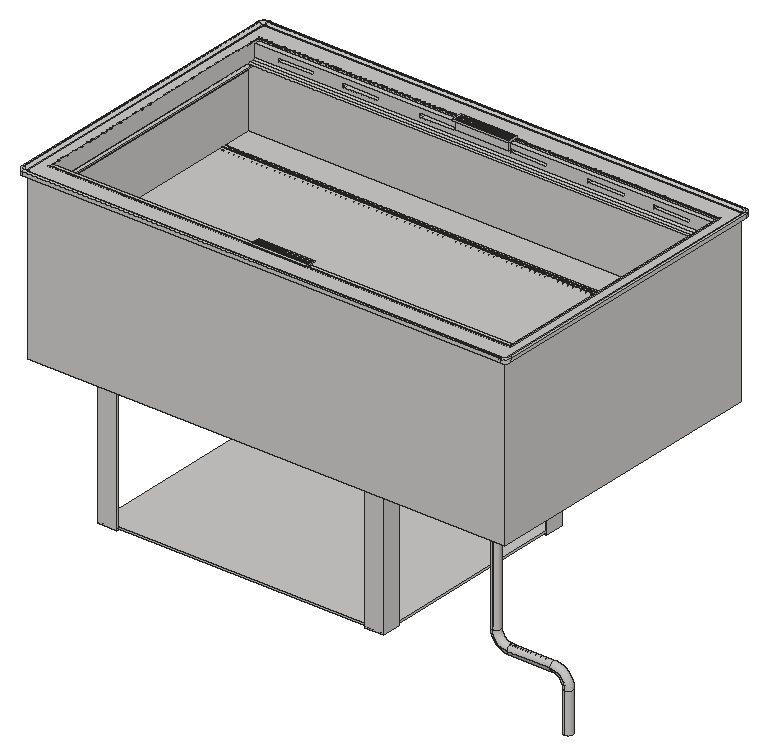
Revit family "QF_Vollrath_FC-4C-03120-FAT", category Specialty Equipment, Revit 2018
Family settings
  Round Connector Dimension = Use Diameter
  Part Type = Normal
  OmniClass Number = 23.40.40.14.24.14
  OmniClass Title = Service Line Equipment
  Work Plane-Based = Yes
  Always vertical = Yes
  Cut with Voids When Loaded = Yes
  Shared = No
  Room Calculation Point = No
Parameters
  Weight in Pounds = 112
  Volts = 120 V
  URL Cutsheet = ""
  URL = "https://www.vollrathfoodservice.com/"
  Status [instance] = ""
  Specification by User [instance] = ""
  Specification by Manufacturer [instance] = ""
  Serial Number [instance] = ""
  Seismic Rating = ""
  Revision Code [instance] = ""
  Refrigerant Type = "R513A"
  Plumbing Remarks [instance] = ""
  Plumbing Connection Type = ""
  Phase = 1
  Number of Poles [instance] = 1
  NAFEM Spec ID Number [instance] = ""
  Model = "FC-4C-03120-FA"
  Masterspec [instance] = ""
  Manufacturer = "Vollrath"
  Item Number [instance] = "-"
  Installed By [instance] = ""
  Indirect Waste Size = 3/4"
  Indirect Waste Flow [instance] = 0 GPM
  Indirect Waste Connection Type = ""
  Indirect Waste Connection Height = 0' - 2"
  HP = "1/3"
  Furnished By [instance] = ""
  Foodservice Equipment Identifier = yes
  FL Amps = 8.5 A
  Electrical Remarks = ""
  Electric Connection Type = ""
  Elec Conn RI Height [instance] = 0' - 0"
  Elec Conn Connection Height = 0' - 2"
  Description = "Drop-In Cold Pan, Forced Air"
  Default Elevation = 3' - 0"
  Cycle = 60 Hz
  Conn Plug = "NEMA 5-15P"
  CSI MasterFormat = "11 41 00"
  BTUH = 4800.0 Btu/h
  Assembly Code = "E1090320"
  Apparent Power = 0 VA
Reference planes (in)
  plane 1 "BACK": y = 0
  plane 2: z = 0
  plane 3 "LEFT": x = -25.3466
  plane 4 "RIGHT": x = 16.1534
  plane 5 "FRONT": y = -26
  plane 6 "TOP": z = 0.375
  plane 7 "Tube": z = -0.125
  plane 8 "Bottom of Well": z = -14.163
  plane 9 "BOTTOM": z = -26.753
  plane 10 "Left of Void Cut": x = -25.2841
  plane 11 "Right of Void Cut": x = 16.0909
  plane 12 "Back of Void Cut": y = -0.0625
  plane 13 "Front of Void Cut": y = -25.9375
  plane 14 "Top Shelf": z = 0.1875
  plane 15 "Left of Well": x = -24.8466
  plane 16 "Right of Well": x = 15.6534
  plane 17 "Back of Well": y = -0.5
  plane 18 "Front of Well": y = -25.5
  plane 19 "Bottom of Inner Well": z = -13.163
  plane 20 "Left of Inner Well": x = -24.0966
  plane 21 "Right of Inner Well": x = 14.9034
  plane 22 "Back of Inner Well": y = -1.9375
  plane 23 "Front of Inner Well": y = -24.0625
  plane 24 "Well Shelf": z = -6.3505
  plane 25 "Left of Compressor": x = -21.3466
  plane 26 "Right of Compressor": x = 2.9034
  plane 27 "Back of Compressor": y = -3.5625
  plane 28 "Front of Compressor": y = -22.4375
  plane 29 "Drain": y = -13
Forms (in)
  Extrusion 1, void
    sketch origin (0, 0, -14.163) x (0, 1, 0) y (-1, 0, 0)
      loop
        arc (-0.0625, 24.9716) -> (-0.15403, 25.19257) -> (-0.375, 25.2841) r 0.3125
        line (-0.375, 25.2841) -> (-25.625, 25.2841)
        arc (-25.625, 25.2841) -> (-25.84597, 25.19257) -> (-25.9375, 24.9716) r 0.3125
        line (-25.9375, 24.9716) -> (-25.9375, -15.7784)
        arc (-25.9375, -15.7784) -> (-25.84597, -15.99937) -> (-25.625, -16.0909) r 0.3125
        line (-25.625, -16.0909) -> (-0.375, -16.0909)
        arc (-0.375, -16.0909) -> (-0.15403, -15.99937) -> (-0.0625, -15.7784) r 0.3125
        line (-0.0625, -15.7784) -> (-0.0625, 24.9716)
    from 0 to 14.163
  Sweep 2, solid, material "QF_Stainless-Polished"
    path origin (0, 0, 0) x (1, 0, 0) y (0, 1, 0)
      loop
        arc (-24.8466, 0) -> (-25.20015, -0.14645) -> (-25.3466, -0.5) r 0.5
        line (-25.3466, -0.5) -> (-25.3466, -25.5)
        arc (-25.3466, -25.5) -> (-25.20015, -25.85355) -> (-24.8466, -26) r 0.5
        line (-24.8466, -26) -> (15.6534, -26)
        arc (15.6534, -26) -> (16.00696, -25.85355) -> (16.1534, -25.5) r 0.5
        line (16.1534, -25.5) -> (16.1534, -0.5)
        arc (16.1534, -0.5) -> (16.00696, -0.14645) -> (15.6534, 0) r 0.5
        line (15.6534, 0) -> (-24.8466, 0)
    profile origin (-4.5966, 0, 0) x (0, 1, 0) y (0, 0, 1)
      loop
        line (0, 0) -> (0, 0.29615)
        arc (0, 0.29615) -> (-0.04033, 0.36453) -> (-0.11969, 0.3623) r 0.07813
        line (-0.11969, 0.3623) -> (-0.38266, 0.19708)
        arc (-0.38266, 0.19708) -> (-0.39861, 0.18994) -> (-0.41591, 0.1875) r 0.0625
        line (-0.41591, 0.1875) -> (-0.41591, 0.125)
        arc (-0.41591, 0.125) -> (-0.38131, 0.12988) -> (-0.34941, 0.14416) r 0.125
        line (-0.34941, 0.14416) -> (-0.08644, 0.30938)
        arc (-0.08644, 0.30938) -> (-0.07057, 0.30983) -> (-0.0625, 0.29615) r 0.01563
        line (-0.0625, 0.29615) -> (-0.0625, 0) -> (0, 0)
  Extrusion 3, solid, material "QF_Stainless-Polished"
    sketch origin (0, 0, 0.1875) x (0, 1, 0) y (-1, 0, 0)
      loop
        line (-1.9375, 24.0966) -> (-24.0625, 24.0966) -> (-24.0625, -14.9034) -> (-1.9375, -14.9034) -> (-1.9375, 24.0966)
      loop
        arc (-0.41591, 24.8466) -> (-0.44054, 24.90605) -> (-0.5, 24.93068) r 0.08409
        line (-0.5, 24.93068) -> (-25.5, 24.93068)
        arc (-25.5, 24.93068) -> (-25.55946, 24.90605) -> (-25.58409, 24.8466) r 0.08409
        line (-25.58409, 24.8466) -> (-25.58409, -15.6534)
        arc (-25.58409, -15.6534) -> (-25.55946, -15.71286) -> (-25.5, -15.73749) r 0.08409
        line (-25.5, -15.73749) -> (-0.5, -15.73749)
        arc (-0.5, -15.73749) -> (-0.44054, -15.71286) -> (-0.41591, -15.6534) r 0.08409
        line (-0.41591, -15.6534) -> (-0.41591, 24.8466)
    from 0 to -0.0625
  Extrusion 4, solid, material "QF_Stainless-Polished"
    sketch origin (0, 0, -14.163) x (0, 1, 0) y (-1, 0, 0)
      loop
        line (-0.5, 24.8466) -> (-25.5, 24.8466) -> (-25.5, -15.6534) -> (-0.5, -15.6534) -> (-0.5, 24.8466)
      loop
        line (-0.625, 24.7216) -> (-25.375, 24.7216) -> (-25.375, -15.5284) -> (-0.625, -15.5284) -> (-0.625, 24.7216)
    from 0 to 14.163
  Extrusion 5, solid, material "QF_Stainless-Polished"
    sketch origin (0, 0, -14.163) x (0, 1, 0) y (-1, 0, 0)
      loop
        line (-0.625, 24.7216) -> (-25.375, 24.7216) -> (-25.375, -15.5284) -> (-0.625, -15.5284) -> (-0.625, 24.7216)
      loop
        circle (-13, -4.9034) r 0.375
    from 0 to 0.125
  Extrusion 6, solid, material "QF_Stainless-Polished"
    sketch origin (0, 0, -13.163) x (0, 1, 0) y (-1, 0, 0)
      loop
        line (-1.9375, 24.0966) -> (-24.0625, 24.0966) -> (-24.0625, -14.9034) -> (-1.9375, -14.9034) -> (-1.9375, 24.0966)
      loop
        line (-1.8125, 24.2216) -> (-24.1875, 24.2216) -> (-24.1875, -15.0284) -> (-1.8125, -15.0284) -> (-1.8125, 24.2216)
    from 0 to 13.3505
  Extrusion 7, solid, material "QF_Stainless-Polished"
    sketch origin (0, 0, -13.163) x (0, 1, 0) y (-1, 0, 0)
      loop
        line (-1.9375, 24.0966) -> (-24.0625, 24.0966) -> (-24.0625, -14.9034) -> (-1.9375, -14.9034) -> (-1.9375, 24.0966)
      loop
        circle (-13, -5.0284) r 1
    from 0 to 0.125
  Extrusion 8, solid, material "QF_Stainless-Polished"
    sketch origin (-24.0966, 0, 0) x (0, 1, 0) y (0, 0, 1)
      loop
        line (-3.0625, -6.3505) -> (-5.5, -6.3505)
        arc (-5.5, -6.3505) -> (-5.54419, -6.36881) -> (-5.5625, -6.413) r 0.0625
        arc (-5.5625, -6.413) -> (-5.58081, -6.45719) -> (-5.625, -6.4755) r 0.0625
        line (-5.625, -6.4755) -> (-5.875, -6.4755)
        arc (-5.875, -6.4755) -> (-5.91919, -6.45719) -> (-5.9375, -6.413) r 0.0625
        arc (-5.9375, -6.413) -> (-5.95581, -6.36881) -> (-6, -6.3505) r 0.0625
        line (-6, -6.3505) -> (-19.875, -6.3505)
        arc (-19.875, -6.3505) -> (-19.91919, -6.36881) -> (-19.9375, -6.413) r 0.0625
        arc (-19.9375, -6.413) -> (-19.95581, -6.45719) -> (-20, -6.4755) r 0.0625
        line (-20, -6.4755) -> (-20.25, -6.4755)
        arc (-20.25, -6.4755) -> (-20.29419, -6.45719) -> (-20.3125, -6.413) r 0.0625
        arc (-20.3125, -6.413) -> (-20.33081, -6.36881) -> (-20.375, -6.3505) r 0.0625
        line (-20.375, -6.3505) -> (-22.8125, -6.3505) -> (-22.8125, -6.4755) -> (-20.42678, -6.4755)
        arc (-20.42678, -6.4755) -> (-20.35825, -6.56609) -> (-20.25, -6.6005) r 0.1875
        line (-20.25, -6.6005) -> (-20, -6.6005)
        arc (-20, -6.6005) -> (-19.89175, -6.56609) -> (-19.82322, -6.4755) r 0.1875
        line (-19.82322, -6.4755) -> (-6.05178, -6.4755)
        arc (-6.05178, -6.4755) -> (-5.98325, -6.56609) -> (-5.875, -6.6005) r 0.1875
        line (-5.875, -6.6005) -> (-5.625, -6.6005)
        arc (-5.625, -6.6005) -> (-5.51675, -6.56609) -> (-5.44822, -6.4755) r 0.1875
        line (-5.44822, -6.4755) -> (-3.0625, -6.4755) -> (-3.0625, -6.3505)
    from 0 to 39
  Extrusion 9, solid, material "QF_Stainless-Polished"
    sketch origin (-24.0966, 0, 0) x (0, 1, 0) y (0, 0, 1)
      loop
        line (-1.9375, 0) -> (-2.4375, 0) -> (-2.4375, -1.0625)
        arc (-2.4375, -1.0625) -> (-2.47411, -1.15089) -> (-2.5625, -1.1875) r 0.125
        line (-2.5625, -1.1875) -> (-2.9375, -1.1875)
        arc (-2.9375, -1.1875) -> (-3.02589, -1.22411) -> (-3.0625, -1.3125) r 0.125
        line (-3.0625, -1.3125) -> (-3.0625, -13.038) -> (-1.9375, -13.038) -> (-1.9375, 0)
      loop
        line (-24.0625, 0) -> (-24.0625, -13.038) -> (-22.8125, -13.038) -> (-22.8125, -1.3125)
        arc (-22.8125, -1.3125) -> (-22.88572, -1.13572) -> (-23.0625, -1.0625) r 0.25
        line (-23.0625, -1.0625) -> (-23.4375, -1.0625)
        arc (-23.4375, -1.0625) -> (-23.52589, -1.02589) -> (-23.5625, -0.9375) r 0.125
        line (-23.5625, -0.9375) -> (-23.5625, 0) -> (-24.0625, 0)
    from 0 to 39
  Extrusion 10, void
    sketch origin (0, -1.9375, 0) x (-1, 0, 0) y (0, 0, 1)
      loop
        line (21.9716, -0.375) -> (19.0966, -0.375)
        arc (19.0966, -0.375) -> (19.0524, -0.39331) -> (19.0341, -0.4375) r 0.0625
        line (19.0341, -0.4375) -> (19.0341, -0.625)
        arc (19.0341, -0.625) -> (19.0524, -0.66919) -> (19.0966, -0.6875) r 0.0625
        line (19.0966, -0.6875) -> (21.9716, -0.6875)
        arc (21.9716, -0.6875) -> (22.01579, -0.66919) -> (22.0341, -0.625) r 0.0625
        line (22.0341, -0.625) -> (22.0341, -0.4375)
        arc (22.0341, -0.4375) -> (22.01579, -0.39331) -> (21.9716, -0.375) r 0.0625
      loop
        line (16.4716, -0.375) -> (13.5966, -0.375)
        arc (13.5966, -0.375) -> (13.5524, -0.39331) -> (13.5341, -0.4375) r 0.0625
        line (13.5341, -0.4375) -> (13.5341, -0.625)
        arc (13.5341, -0.625) -> (13.5524, -0.66919) -> (13.5966, -0.6875) r 0.0625
        line (13.5966, -0.6875) -> (16.4716, -0.6875)
        arc (16.4716, -0.6875) -> (16.51579, -0.66919) -> (16.5341, -0.625) r 0.0625
        line (16.5341, -0.625) -> (16.5341, -0.4375)
        arc (16.5341, -0.4375) -> (16.51579, -0.39331) -> (16.4716, -0.375) r 0.0625
      loop
        line (9.9716, -0.375) -> (7.0966, -0.375)
        arc (7.0966, -0.375) -> (7.0524, -0.39331) -> (7.0341, -0.4375) r 0.0625
        line (7.0341, -0.4375) -> (7.0341, -0.625)
        arc (7.0341, -0.625) -> (7.0524, -0.66919) -> (7.0966, -0.6875) r 0.0625
        line (7.0966, -0.6875) -> (9.9716, -0.6875)
        arc (9.9716, -0.6875) -> (10.01579, -0.66919) -> (10.0341, -0.625) r 0.0625
        line (10.0341, -0.625) -> (10.0341, -0.4375)
        arc (10.0341, -0.4375) -> (10.01579, -0.39331) -> (9.9716, -0.375) r 0.0625
      loop
        arc (-12.7784, -0.375) -> (-12.8226, -0.39331) -> (-12.8409, -0.4375) r 0.0625
        line (-12.8409, -0.4375) -> (-12.8409, -0.625)
        arc (-12.8409, -0.625) -> (-12.8226, -0.66919) -> (-12.7784, -0.6875) r 0.0625
        line (-12.7784, -0.6875) -> (-9.9034, -0.6875)
        arc (-9.9034, -0.6875) -> (-9.85921, -0.66919) -> (-9.8409, -0.625) r 0.0625
        line (-9.8409, -0.625) -> (-9.8409, -0.4375)
        arc (-9.8409, -0.4375) -> (-9.85921, -0.39331) -> (-9.9034, -0.375) r 0.0625
        line (-9.9034, -0.375) -> (-12.7784, -0.375)
      loop
        arc (-7.2784, -0.375) -> (-7.3226, -0.39331) -> (-7.3409, -0.4375) r 0.0625
        line (-7.3409, -0.4375) -> (-7.3409, -0.625)
        arc (-7.3409, -0.625) -> (-7.3226, -0.66919) -> (-7.2784, -0.6875) r 0.0625
        line (-7.2784, -0.6875) -> (-4.2784, -0.6875)
        arc (-4.2784, -0.6875) -> (-4.23421, -0.66919) -> (-4.2159, -0.625) r 0.0625
        line (-4.2159, -0.625) -> (-4.2159, -0.4375)
        arc (-4.2159, -0.4375) -> (-4.23421, -0.39331) -> (-4.2784, -0.375) r 0.0625
        line (-4.2784, -0.375) -> (-7.2784, -0.375)
      loop
        arc (-0.6534, -0.375) -> (-0.6976, -0.39331) -> (-0.7159, -0.4375) r 0.0625
        line (-0.7159, -0.4375) -> (-0.7159, -0.625)
        arc (-0.7159, -0.625) -> (-0.6976, -0.66919) -> (-0.6534, -0.6875) r 0.0625
        line (-0.6534, -0.6875) -> (2.2216, -0.6875)
        arc (2.2216, -0.6875) -> (2.26579, -0.66919) -> (2.2841, -0.625) r 0.0625
        line (2.2841, -0.625) -> (2.2841, -0.4375)
        arc (2.2841, -0.4375) -> (2.26579, -0.39331) -> (2.2216, -0.375) r 0.0625
        line (2.2216, -0.375) -> (-0.6534, -0.375)
    from 0 to -0.5
  Extrusion 11, solid, material "QF_Stainless-Polished"
    sketch origin (-24.0966, 0, 0) x (0, 1, 0) y (0, 0, 1)
      loop
        line (-1.9375, 0) -> (-1.9375, 0.1875) -> (-2.5625, 0.1875) -> (-2.5625, -0.53125) -> (-2.4375, -0.53125) -> (-2.4375, 0) -> (-1.9375, 0)
    from 17.1875 to 21.6875
  Extrusion 12, solid, material "QF_Stainless-Polished"
    sketch origin (0, 0, 0.1875) x (0, 1, 0) y (-1, 0, 0)
      loop
        line (-2.5625, 6.9091) -> (-2.5625, 2.4091) -> (-1.9375, 2.4091) -> (-1.9375, 6.9091) -> (-2.5625, 6.9091)
      loop
        line (-1.8125, 7.0341) -> (-2.6875, 7.0341) -> (-2.6875, 2.2841) -> (-1.8125, 2.2841) -> (-1.8125, 7.0341)
    from 0 to 0.125
  Extrusion 13, solid, material "QF_Stainless-Polished"
    sketch origin (0, 0, 0.1875) x (0, 1, 0) y (-1, 0, 0)
      loop
        line (-2.03125, 6.9091) -> (-2.09375, 6.9091) -> (-2.09375, 2.4091) -> (-2.03125, 2.4091) -> (-2.03125, 6.9091)
      loop
        line (-2.21875, 6.9091) -> (-2.28125, 6.9091) -> (-2.28125, 2.4091) -> (-2.21875, 2.4091) -> (-2.21875, 6.9091)
      loop
        line (-2.40625, 6.9091) -> (-2.46875, 6.9091) -> (-2.46875, 2.4091) -> (-2.40625, 2.4091) -> (-2.40625, 6.9091)
    from 0 to 0.125
  Extrusion 14, solid, material "QF_Stainless-Polished"
    sketch origin (0, -1.9375, 0) x (-1, 0, 0) y (0, 0, 1)
      loop
        line (24.0966, -1.1875) -> (23.5966, -1.1875) -> (23.5966, -1.25) -> (24.0341, -1.25) -> (24.0341, -1.6875) -> (24.0966, -1.6875) -> (24.0966, -1.1875)
      loop
        line (-14.9034, -1.1875) -> (-14.9034, -1.6875) -> (-14.8409, -1.6875) -> (-14.8409, -1.25) -> (-14.4034, -1.25) -> (-14.4034, -1.1875) -> (-14.9034, -1.1875)
    from -1.375 to -20.625
  Extrusion 15, solid, material "QF_Stainless-Polished"
    sketch origin (0, -21.375, 0.1875) x (0, 1, 0) y (-1, 0, 0)
      loop
        line (-2.6875, 6.9091) -> (-2.6875, 2.4091) -> (-2.0625, 2.4091) -> (-2.0625, 6.9091) -> (-2.6875, 6.9091)
      loop
        line (-1.9375, 7.0341) -> (-2.8125, 7.0341) -> (-2.8125, 2.2841) -> (-1.9375, 2.2841) -> (-1.9375, 7.0341)
    from 0 to 0.125
  Extrusion 16, solid, material "QF_Stainless-Polished"
    sketch origin (0, -21.375, 0.1875) x (0, 1, 0) y (-1, 0, 0)
      loop
        line (-2.15625, 6.9091) -> (-2.21875, 6.9091) -> (-2.21875, 2.4091) -> (-2.15625, 2.4091) -> (-2.15625, 6.9091)
      loop
        line (-2.34375, 6.9091) -> (-2.40625, 6.9091) -> (-2.40625, 2.4091) -> (-2.34375, 2.4091) -> (-2.34375, 6.9091)
      loop
        line (-2.53125, 6.9091) -> (-2.59375, 6.9091) -> (-2.59375, 2.4091) -> (-2.53125, 2.4091) -> (-2.53125, 6.9091)
    from 0 to 0.125
  Extrusion 17, solid, material "QF_Stainless-Polished"
    sketch origin (0, 0, -26.753) x (0, 1, 0) y (-1, 0, 0)
      loop
        line (-3.6875, 21.2216) -> (-22.3125, 21.2216) -> (-22.3125, -2.7784) -> (-3.6875, -2.7784) -> (-3.6875, 21.2216)
    from 0.125 to 0.25
  Extrusion 18, solid, material "QF_Stainless-Polished"
    sketch origin (0, 0, -26.753) x (0, 1, 0) y (-1, 0, 0)
      loop
        line (-22.4375, 21.3466) -> (-22.4375, 19.7841) -> (-20.875, 19.7841) -> (-20.875, 21.3466) -> (-22.4375, 21.3466)
      loop
        line (-22.4375, -1.3409) -> (-22.4375, -2.9034) -> (-20.875, -2.9034) -> (-20.875, -1.3409) -> (-22.4375, -1.3409)
      loop
        line (-5.125, 21.3466) -> (-5.125, 19.7841) -> (-3.5625, 19.7841) -> (-3.5625, 21.3466) -> (-5.125, 21.3466)
      loop
        line (-5.125, -1.3409) -> (-5.125, -2.9034) -> (-3.5625, -2.9034) -> (-3.5625, -1.3409) -> (-5.125, -1.3409)
    from 0 to 0.125
  Extrusion 19, solid, material "QF_Stainless-Polished"
    sketch origin (0, 0, -26.753) x (0, 1, 0) y (-1, 0, 0)
      loop
        line (-3.5625, 21.3466) -> (-5.125, 21.3466) -> (-5.125, 21.2216) -> (-3.6875, 21.2216) -> (-3.6875, 19.7841) -> (-3.5625, 19.7841) -> (-3.5625, 21.3466)
      loop
        line (-3.5625, -2.9034) -> (-3.5625, -1.3409) -> (-3.6875, -1.3409) -> (-3.6875, -2.7784) -> (-5.125, -2.7784) -> (-5.125, -2.9034) -> (-3.5625, -2.9034)
      loop
        line (-22.4375, 21.3466) -> (-22.4375, 19.7841) -> (-22.3125, 19.7841) -> (-22.3125, 21.2216) -> (-20.875, 21.2216) -> (-20.875, 21.3466) -> (-22.4375, 21.3466)
      loop
        line (-22.4375, -2.9034) -> (-20.875, -2.9034) -> (-20.875, -2.7784) -> (-22.3125, -2.7784) -> (-22.3125, -1.3409) -> (-22.4375, -1.3409) -> (-22.4375, -2.9034)
    from 0 to 12.59
  Sweep 20, solid, material "QF_Stainless-Polished"
    path origin (0, -13, 0) x (-1, 0, 0) y (0, 0, 1)
      loop
        line (-4.9034, -17.64876) -> (-4.9034, -29.5655)
        arc (-4.9034, -29.5655) -> (-5.26952, -30.44938) -> (-6.1534, -30.8155) r 1.25
        line (-6.1534, -30.8155) -> (-9.7784, -30.8155)
        arc (-9.7784, -30.8155) -> (-10.66229, -31.18162) -> (-11.0284, -32.0655) r 1.25
        line (-11.0284, -32.0655) -> (-11.0284, -35.4405)
    profile origin (4.9034, -13, -23.60713) x (0, 1, 0) y (-1, 0, 0)
      loop
        circle (0, 0) r 0.25
      loop
        circle (0, 0) r 0.375
  Extrusion 21, solid, material "QF_Stainless-Polished"
    sketch origin (-24.0966, -25.875, 0) x (0, -1, 0) y (0, 0, -1)
      loop
        line (-1.8125, 0) -> (-2.3125, 0) -> (-2.3125, 0.53125) -> (-2.4375, 0.53125) -> (-2.4375, -0.1875) -> (-1.8125, -0.1875) -> (-1.8125, 0)
    from 17.1875 to 21.6875
  Extrusion 22, void
    sketch origin (0, -23.9375, 0) x (-1, 0, 0) y (0, 0, -1)
      loop
        arc (21.9716, 0.375) -> (22.01579, 0.39331) -> (22.0341, 0.4375) r 0.0625
        line (22.0341, 0.4375) -> (22.0341, 0.625)
        arc (22.0341, 0.625) -> (22.01579, 0.66919) -> (21.9716, 0.6875) r 0.0625
        line (21.9716, 0.6875) -> (19.0966, 0.6875)
        arc (19.0966, 0.6875) -> (19.0524, 0.66919) -> (19.0341, 0.625) r 0.0625
        line (19.0341, 0.625) -> (19.0341, 0.4375)
        arc (19.0341, 0.4375) -> (19.0524, 0.39331) -> (19.0966, 0.375) r 0.0625
        line (19.0966, 0.375) -> (21.9716, 0.375)
      loop
        arc (16.4716, 0.375) -> (16.51579, 0.39331) -> (16.5341, 0.4375) r 0.0625
        line (16.5341, 0.4375) -> (16.5341, 0.625)
        arc (16.5341, 0.625) -> (16.51579, 0.66919) -> (16.4716, 0.6875) r 0.0625
        line (16.4716, 0.6875) -> (13.5966, 0.6875)
        arc (13.5966, 0.6875) -> (13.5524, 0.66919) -> (13.5341, 0.625) r 0.0625
        line (13.5341, 0.625) -> (13.5341, 0.4375)
        arc (13.5341, 0.4375) -> (13.5524, 0.39331) -> (13.5966, 0.375) r 0.0625
        line (13.5966, 0.375) -> (16.4716, 0.375)
      loop
        arc (9.9716, 0.375) -> (10.01579, 0.39331) -> (10.0341, 0.4375) r 0.0625
        line (10.0341, 0.4375) -> (10.0341, 0.625)
        arc (10.0341, 0.625) -> (10.01579, 0.66919) -> (9.9716, 0.6875) r 0.0625
        line (9.9716, 0.6875) -> (7.0966, 0.6875)
        arc (7.0966, 0.6875) -> (7.0524, 0.66919) -> (7.0341, 0.625) r 0.0625
        line (7.0341, 0.625) -> (7.0341, 0.4375)
        arc (7.0341, 0.4375) -> (7.0524, 0.39331) -> (7.0966, 0.375) r 0.0625
        line (7.0966, 0.375) -> (9.9716, 0.375)
      loop
        line (-12.7784, 0.375) -> (-9.9034, 0.375)
        arc (-9.9034, 0.375) -> (-9.85921, 0.39331) -> (-9.8409, 0.4375) r 0.0625
        line (-9.8409, 0.4375) -> (-9.8409, 0.625)
        arc (-9.8409, 0.625) -> (-9.85921, 0.66919) -> (-9.9034, 0.6875) r 0.0625
        line (-9.9034, 0.6875) -> (-12.7784, 0.6875)
        arc (-12.7784, 0.6875) -> (-12.8226, 0.66919) -> (-12.8409, 0.625) r 0.0625
        line (-12.8409, 0.625) -> (-12.8409, 0.4375)
        arc (-12.8409, 0.4375) -> (-12.8226, 0.39331) -> (-12.7784, 0.375) r 0.0625
      loop
        line (-7.2784, 0.375) -> (-4.2784, 0.375)
        arc (-4.2784, 0.375) -> (-4.23421, 0.39331) -> (-4.2159, 0.4375) r 0.0625
        line (-4.2159, 0.4375) -> (-4.2159, 0.625)
        arc (-4.2159, 0.625) -> (-4.23421, 0.66919) -> (-4.2784, 0.6875) r 0.0625
        line (-4.2784, 0.6875) -> (-7.2784, 0.6875)
        arc (-7.2784, 0.6875) -> (-7.3226, 0.66919) -> (-7.3409, 0.625) r 0.0625
        line (-7.3409, 0.625) -> (-7.3409, 0.4375)
        arc (-7.3409, 0.4375) -> (-7.3226, 0.39331) -> (-7.2784, 0.375) r 0.0625
      loop
        line (-0.6534, 0.375) -> (2.2216, 0.375)
        arc (2.2216, 0.375) -> (2.26579, 0.39331) -> (2.2841, 0.4375) r 0.0625
        line (2.2841, 0.4375) -> (2.2841, 0.625)
        arc (2.2841, 0.625) -> (2.26579, 0.66919) -> (2.2216, 0.6875) r 0.0625
        line (2.2216, 0.6875) -> (-0.6534, 0.6875)
        arc (-0.6534, 0.6875) -> (-0.6976, 0.66919) -> (-0.7159, 0.625) r 0.0625
        line (-0.7159, 0.625) -> (-0.7159, 0.4375)
        arc (-0.7159, 0.4375) -> (-0.6976, 0.39331) -> (-0.6534, 0.375) r 0.0625
    from 0 to -0.5
  Revolve 23, solid
    sketch origin (4.9034, 0, 0) x (0, 1, 0) y (0, 0, 1)
      loop
        line (-13, -13.163) -> (-13.5, -13.163) -> (-13.5, -15.663) -> (-13.75, -15.663) -> (-13.75, -15.913) -> (-13.625, -15.913) -> (-13.625, -16.163) -> (-13.875, -16.163) -> (-13.875, -16.663) -> (-13.625, -16.663) -> (-13.625, -16.913) -> (-13.79998, -16.913) -> (-13.37518, -17.64876) -> (-13, -17.64876) -> (-13, -13.163)
      axis (-13, -17.64876) -> (-13, -13.163)
    angle from 0 to 360
Cuts and joins
  Extrusion 10 cuts Extrusion 4
  Extrusion 10, Extrusion 22 cuts Extrusion 6
  Extrusion 10, Extrusion 22 cuts Extrusion 9
Lines and regions (in)
  symbolic lines
    curve 1: line (15.6534, 0, -26.753) -> (-24.8466, 0, -26.753)
    curve 2: line (-25.3466, -0.5, -26.753) -> (-25.3466, -25.5, -26.753)
    curve 3: arc (-25.3466, -0.5, -26.753) -> (-25.20015, -0.14645, -26.753) -> (-24.8466, 0, -26.753) r 0.5
    curve 4: arc (15.6534, 0, -26.753) -> (16.00696, -0.14645, -26.753) -> (16.1534, -0.5, -26.753) r 0.5
    curve 5: line (16.1534, -25.5, -26.753) -> (16.1534, -0.5, -26.753)
    curve 6: arc (16.1534, -25.5, -26.753) -> (16.00696, -25.85355, -26.753) -> (15.6534, -26, -26.753) r 0.5
    curve 7: line (-24.8466, -26, -26.753) -> (15.6534, -26, -26.753)
    curve 8: arc (-24.8466, -26, -26.753) -> (-25.20015, -25.85355, -26.753) -> (-25.3466, -25.5, -26.753) r 0.5
    curve 9: line (-24.0966, -1.9375, -26.753) -> (-7.0341, -1.9375, -26.753)
    curve 10: line (-24.0966, -24.0625, -26.753) -> (-24.0966, -1.9375, -26.753)
    curve 11: line (14.9034, -24.0625, -26.753) -> (-2.2841, -24.0625, -26.753)
    curve 12: line (14.9034, -1.9375, -26.753) -> (14.9034, -24.0625, -26.753)
    curve 13: line (14.9034, -3.0625, -26.753) -> (-24.0966, -3.0625, -26.753)
    curve 14: line (-7.0341, -2.6875, -26.753) -> (-7.0341, -1.8125, -26.753)
    curve 15: line (-2.2841, -2.6875, -26.753) -> (-2.2841, -1.8125, -26.753)
    curve 16: line (-2.2841, -1.8125, -26.753) -> (-7.0341, -1.8125, -26.753)
    curve 17: line (-2.2841, -2.6875, -26.753) -> (-7.0341, -2.6875, -26.753)
    curve 18: line (-2.2841, -1.9375, -26.753) -> (14.9034, -1.9375, -26.753)
    curve 19: line (-23.5966, -5.44822, -26.753) -> (14.4034, -5.44822, -26.753)
    curve 20: line (14.4034, -6.05178, -26.753) -> (-23.5966, -6.05178, -26.753)
    curve 21: line (-7.0341, -23.3125, -26.753) -> (-2.2841, -23.3125, -26.753)
    curve 22: line (-7.0341, -24.1875, -26.753) -> (-7.0341, -23.3125, -26.753)
    curve 23: line (-2.2841, -24.1875, -26.753) -> (-7.0341, -24.1875, -26.753)
    curve 24: line (-2.2841, -23.3125, -26.753) -> (-2.2841, -24.1875, -26.753)
    curve 25: line (-7.0341, -24.0625, -26.753) -> (-24.0966, -24.0625, -26.753)
    curve 26: line (-24.0966, -22.5625, -26.753) -> (-23.5966, -22.5625, -26.753)
    curve 27: line (-23.5966, -22.5625, -26.753) -> (-23.5966, -3.3125, -26.753)
    curve 28: line (-23.5966, -3.3125, -26.753) -> (-24.0966, -3.3125, -26.753)
    curve 29: line (14.9034, -3.3125, -26.753) -> (14.4034, -3.3125, -26.753)
    curve 30: line (14.4034, -3.3125, -26.753) -> (14.4034, -22.5625, -26.753)
    curve 31: line (14.4034, -22.5625, -26.753) -> (14.9034, -22.5625, -26.753)
    curve 32: line (15.5284, -25.375, -26.753) -> (-24.7216, -25.375, -26.753)
    curve 33: line (15.5284, -0.625, -26.753) -> (15.5284, -25.375, -26.753)
    curve 34: line (-24.7216, -0.625, -26.753) -> (15.5284, -0.625, -26.753)
    curve 35: line (-24.7216, -25.375, -26.753) -> (-24.7216, -0.625, -26.753)
    curve 36: line (14.9034, -22.8125, -26.753) -> (-24.0966, -22.8125, -26.753)
    curve 37: line (-23.5966, -20.42678, -26.753) -> (14.4034, -20.42678, -26.753)
    curve 38: line (14.4034, -19.82322, -26.753) -> (-23.5966, -19.82322, -26.753)
Dimensions and locks (in)
  locked: plane 4 "RIGHT" to plane 3 "LEFT" at 41.5
  locked: plane 5 "FRONT" to plane 1 "BACK" at 26
  locked: plane 6 "TOP" to level at 0.375
  locked: level to plane 7 "Tube" at 0.125
  locked: plane 3 "LEFT" to plane 10 "Left of Void Cut" at 0.0625
  locked: plane 11 "Right of Void Cut" to plane 4 "RIGHT" at 0.0625
  locked: plane 1 "BACK" to plane 12 "Back of Void Cut" at 0.0625
  locked: plane 13 "Front of Void Cut" to plane 5 "FRONT" at 0.0625
  plane 14 "Top Shelf" to level = 0' - 0 3/16"
  locked: plane 3 "LEFT" to plane 15 "Left of Well" at 0.5
  locked: plane 16 "Right of Well" to plane 4 "RIGHT" at 0.5
  locked: plane 1 "BACK" to plane 17 "Back of Well" at 0.5
  locked: plane 18 "Front of Well" to plane 5 "FRONT" at 0.5
  locked: Extrusion 4 sketch curve to plane 18 "Front of Well" at 0.125
  locked: Extrusion 4 sketch curve to plane 17 "Back of Well" at 0.125
  locked: plane 15 "Left of Well" to Extrusion 4 sketch curve at 0.125
  locked: Extrusion 4 sketch curve to plane 16 "Right of Well" at 0.125
  equal spacing: plane 17 "Back of Well", Extrusion 5 sketch curve, plane 18 "Front of Well"
  Extrusion 5 sketch curve to plane 16 "Right of Well" = 0' - 10 3/4"
  locked: plane 19 "Bottom of Inner Well" to plane 8 "Bottom of Well" at 1
  locked: plane 15 "Left of Well" to plane 20 "Left of Inner Well" at 0.75
  locked: plane 21 "Right of Inner Well" to plane 16 "Right of Well" at 0.75
  locked: plane 17 "Back of Well" to plane 22 "Back of Inner Well" at 1.4375
  locked: plane 23 "Front of Inner Well" to plane 18 "Front of Well" at 1.4375
  locked: Extrusion 6 sketch curve to plane 20 "Left of Inner Well" at 0.125
  locked: plane 21 "Right of Inner Well" to Extrusion 6 sketch curve at 0.125
  locked: plane 22 "Back of Inner Well" to Extrusion 6 sketch curve at 0.125
  locked: plane 23 "Front of Inner Well" to Extrusion 6 sketch curve at 0.125
  equal spacing: plane 22 "Back of Inner Well", Extrusion 7 sketch curve, plane 23 "Front of Inner Well"
  locked: Extrusion 7 sketch curve to plane 21 "Right of Inner Well" at 9.875
  locked: plane 24 "Well Shelf" to plane 19 "Bottom of Inner Well" at 6.8125
  plane 3 "LEFT" to plane 25 "Left of Compressor" = 0' - 4"
  locked: plane 25 "Left of Compressor" to plane 26 "Right of Compressor" at 24.25
  plane 1 "BACK" to plane 27 "Back of Compressor" = 0' - 3 9/16"
  locked: plane 27 "Back of Compressor" to plane 28 "Front of Compressor" at 18.875
  locked: plane 28 "Front of Compressor" to Extrusion 18 sketch curve at 1.5625  (x2)
  locked: plane 25 "Left of Compressor" to Extrusion 18 sketch curve at 1.5625  (x2)
  locked: plane 27 "Back of Compressor" to Extrusion 18 sketch curve at 1.5625
  locked: Extrusion 18 sketch curve to plane 27 "Back of Compressor" at 1.5625
  locked: Extrusion 18 sketch curve to plane 26 "Right of Compressor" at 1.5625  (x2)
  locked: Extrusion 17 sketch curve to plane 27 "Back of Compressor" at 0.125
  locked: plane 25 "Left of Compressor" to Extrusion 17 sketch curve at 0.125
  locked: Extrusion 17 sketch curve to plane 28 "Front of Compressor" at 0.125
  locked: Extrusion 17 sketch curve to plane 26 "Right of Compressor" at 0.125
  plane 27 "Back of Compressor" to Extrusion 19 sketch curve = 0' - 0 1/8"
  locked: plane 25 "Left of Compressor" to Extrusion 19 sketch curve at 1.5625  (x2)
  locked: plane 27 "Back of Compressor" to Extrusion 19 sketch curve at 1.5625
  locked: plane 25 "Left of Compressor" to Extrusion 19 sketch curve at 0.125  (x2)
  locked: Extrusion 19 sketch curve to plane 26 "Right of Compressor" at 1.5625  (x2)
  locked: Extrusion 19 sketch curve to plane 26 "Right of Compressor" at 0.125  (x2)
  locked: Extrusion 19 sketch curve to plane 27 "Back of Compressor" at 1.5625
  locked: Extrusion 19 sketch curve to plane 27 "Back of Compressor" at 0.125
  locked: plane 28 "Front of Compressor" to Extrusion 19 sketch curve at 1.5625
  locked: plane 28 "Front of Compressor" to Extrusion 19 sketch curve at 0.125
  locked: Extrusion 19 sketch curve to plane 28 "Front of Compressor" at 1.5625
  locked: Extrusion 19 sketch curve to plane 28 "Front of Compressor" at 0.125
  equal spacing: plane 5 "FRONT", plane 29 "Drain", plane 1 "BACK"
  aligned and locked: plane 2 to level
  aligned and locked: Extrusion 1 sketch curve to plane 12 "Back of Void Cut"
  aligned and locked: plane 10 "Left of Void Cut" to Extrusion 1 sketch curve
  aligned and locked: Extrusion 1 sketch curve to plane 11 "Right of Void Cut"
  aligned and locked: plane 13 "Front of Void Cut" to Extrusion 1 sketch curve
  aligned and locked: level to Extrusion 1
  aligned and locked: plane 1 "BACK" to Sweep 2 sketch curve
  aligned and locked: plane 3 "LEFT" to Sweep 2 sketch curve
  aligned and locked: Sweep 2 sketch curve to plane 4 "RIGHT"
  aligned and locked: plane 5 "FRONT" to Sweep 2 sketch curve
  aligned and locked: plane 15 "Left of Well" to Extrusion 4 sketch curve
  aligned and locked: Extrusion 4 sketch curve to plane 17 "Back of Well"
  aligned and locked: Extrusion 4 sketch curve to plane 16 "Right of Well"
  aligned and locked: plane 18 "Front of Well" to Extrusion 4 sketch curve
  aligned and locked: level to Extrusion 4
  aligned and locked: Extrusion 3 sketch curve to plane 22 "Back of Inner Well"
  aligned and locked: plane 20 "Left of Inner Well" to Extrusion 3 sketch curve
  aligned and locked: plane 23 "Front of Inner Well" to Extrusion 3 sketch curve
  aligned and locked: Extrusion 3 sketch curve to plane 21 "Right of Inner Well"
  aligned and locked: Extrusion 6 sketch curve to plane 22 "Back of Inner Well"
  aligned and locked: plane 20 "Left of Inner Well" to Extrusion 6 sketch curve
  aligned and locked: plane 23 "Front of Inner Well" to Extrusion 6 sketch curve
  aligned and locked: Extrusion 6 sketch curve to plane 21 "Right of Inner Well"
  aligned and locked: plane 14 "Top Shelf" to Extrusion 6
  aligned and locked: Extrusion 7 sketch curve to plane 22 "Back of Inner Well"
  aligned and locked: plane 20 "Left of Inner Well" to Extrusion 7 sketch curve
  aligned and locked: plane 23 "Front of Inner Well" to Extrusion 7 sketch curve
  aligned and locked: Extrusion 7 sketch curve to plane 21 "Right of Inner Well"
  aligned and locked: plane 21 "Right of Inner Well" to Extrusion 8
  aligned and locked: plane 21 "Right of Inner Well" to Extrusion 9
  aligned and locked: plane 25 "Left of Compressor" to Extrusion 18 sketch curve  (x2)
  aligned and locked: Extrusion 18 sketch curve to plane 28 "Front of Compressor"  (x2)
  aligned and locked: Extrusion 18 sketch curve to plane 26 "Right of Compressor"  (x2)
  aligned and locked: Extrusion 18 sketch curve to plane 27 "Back of Compressor"  (x2)
  aligned and locked: Extrusion 19 sketch curve to plane 27 "Back of Compressor"
  aligned and locked: plane 25 "Left of Compressor" to Extrusion 19 sketch curve
  aligned and locked: plane 27 "Back of Compressor" to Extrusion 19 sketch curve
  aligned and locked: plane 26 "Right of Compressor" to Extrusion 19 sketch curve
  aligned and locked: Extrusion 19 sketch curve to plane 26 "Right of Compressor"
  aligned and locked: plane 28 "Front of Compressor" to Extrusion 19 sketch curve
  aligned and locked: Extrusion 19 sketch curve to plane 25 "Left of Compressor"
  aligned and locked: Extrusion 19 sketch curve to plane 28 "Front of Compressor"
  aligned and locked: plane 8 "Bottom of Well" to Extrusion 19
Automatic sketch dimensions
  plane 16 "Right of Well" to Extrusion 1 sketch curve = 0' - 0 1/8"  (x2)
  Extrusion 1 sketch curve to plane 18 "Front of Well" = 0' - 0 1/8"
  plane 17 "Back of Well" to Extrusion 1 sketch curve = 0' - 0 1/8"
  Sweep 2 sketch curve to plane 15 "Left of Well" = 0' - 0"  (x2)
  Sweep 2 sketch curve to plane 16 "Right of Well" = 0' - 0"  (x2)
  Extrusion 3 sketch curve to plane 16 "Right of Well" = 0' - 0"
  Extrusion 3 sketch curve to plane 15 "Left of Well" = 0' - 0"  (x2)
  Extrusion 3 sketch curve to plane 18 "Front of Well" = 0' - 0"  (x2)
  Extrusion 3 sketch curve to plane 17 "Back of Well" = 0' - 0"  (x2)
  Extrusion 3 sketch curve to Extrusion 3 sketch curve = 0' - 0.08409"
  Extrusion 8 sketch curve to Extrusion 8 sketch curve = 0' - 0"  (x12)
  Extrusion 8 sketch curve to plane 24 "Well Shelf" = 0' - 0"  (x3)
  Extrusion 8 sketch curve to plane 24 "Well Shelf" = 0' - 0 1/8"
  Extrusion 8 sketch curve to plane 28 "Front of Compressor" = 0' - 0 3/8"
  plane 28 "Front of Compressor" to Extrusion 8 sketch curve = 0' - 2.01072"
  Extrusion 8 sketch curve to Extrusion 8 sketch curve = 0' - 0.05178"  (x4)
  Extrusion 8 sketch curve to plane 24 "Well Shelf" = 0' - 0 1/16"
  Extrusion 8 sketch curve to Extrusion 8 sketch curve = 0' - 0 1/16"  (x5)
  Extrusion 8 sketch curve to Extrusion 8 sketch curve = 0' - 0 1/4"  (x2)
  Extrusion 8 sketch curve to plane 27 "Back of Compressor" = 0' - 2.48928"
  plane 27 "Back of Compressor" to Extrusion 8 sketch curve = 0' - 0 1/2"
  Extrusion 12 sketch curve to plane 22 "Back of Inner Well" = 0' - 0"
  Extrusion 12 sketch curve to Extrusion 12 sketch curve = 0' - 0 5/8"
  Extrusion 12 sketch curve to Extrusion 12 sketch curve = 0' - 0 1/8"  (x3)
  plane 22 "Back of Inner Well" to Extrusion 12 sketch curve = 0' - 0 1/8"
  Extrusion 12 sketch curve to plane 26 "Right of Compressor" = 0' - 5 3/16"
  Extrusion 12 sketch curve to Extrusion 12 sketch curve = 0' - 4 1/2"
  Extrusion 13 sketch curve to plane 22 "Back of Inner Well" = 0' - 0 17/32"
  Extrusion 13 sketch curve to Extrusion 13 sketch curve = 0' - 0 1/16"  (x3)
  Extrusion 13 sketch curve to Extrusion 13 sketch curve = 0' - 0 1/8"  (x2)
  Extrusion 13 sketch curve to plane 26 "Right of Compressor" = 0' - 5 5/16"
  Extrusion 13 sketch curve to Extrusion 13 sketch curve = 0' - 0"  (x4)
  Extrusion 13 sketch curve to Extrusion 13 sketch curve = 0' - 4 1/2"
  Extrusion 15 sketch curve to plane 23 "Front of Inner Well" = 0' - 0"
  Extrusion 15 sketch curve to plane 23 "Front of Inner Well" = 0' - 0 1/8"
  plane 23 "Front of Inner Well" to Extrusion 15 sketch curve = 0' - 0 5/8"
  Extrusion 15 sketch curve to Extrusion 15 sketch curve = 0' - 0 1/8"  (x3)
  Extrusion 15 sketch curve to plane 26 "Right of Compressor" = 0' - 5 3/16"
  Extrusion 15 sketch curve to Extrusion 15 sketch curve = 0' - 4 1/2"
  plane 23 "Front of Inner Well" to Extrusion 16 sketch curve = 0' - 0 3/32"
  Extrusion 16 sketch curve to Extrusion 16 sketch curve = 0' - 0 1/16"  (x3)
  Extrusion 16 sketch curve to Extrusion 16 sketch curve = 0' - 0 1/8"  (x2)
  Extrusion 16 sketch curve to plane 26 "Right of Compressor" = 0' - 5 5/16"
  Extrusion 16 sketch curve to Extrusion 16 sketch curve = 0' - 0"  (x4)
  Extrusion 16 sketch curve to Extrusion 16 sketch curve = 0' - 4 1/2"
  Sweep 2 sketch curve to Sweep 2 sketch curve = 0' - 0"  (x4)
  Sweep 2 sketch curve to level = 0' - 0"
  Sweep 2 sketch curve to profile plane = 0' - 0"
  profile plane to Sweep 2 sketch curve = 0' - 0 1/16"
  Sweep 2 sketch curve to Sweep 2 sketch curve = 0' - 0 1/64"
  Sweep 2 sketch curve to Sweep 2 sketch curve = 0' - 0.00831"
  Sweep 2 sketch curve to Sweep 2 sketch curve = 0' - 0.03325"  (x2)
  Sweep 2 sketch curve to Sweep 2 sketch curve = 0' - 0.26298"
  Sweep 2 sketch curve to Sweep 2 sketch curve = 0' - 0.0665"
  level to Sweep 2 sketch curve = 0' - 0 1/8"
  Sweep 2 sketch curve to Sweep 2 sketch curve = 0' - 0.01916"
  Sweep 2 sketch curve to Sweep 2 sketch curve = 0' - 0 1/16"
  level to Sweep 2 sketch curve = 0' - 0.29615"
  Extrusion 9 sketch curve to level = 0' - 0"  (x2)
  Extrusion 9 sketch curve to plane 23 "Front of Inner Well" = 0' - 0"
  Extrusion 9 sketch curve to plane 22 "Back of Inner Well" = 0' - 0"
  Extrusion 9 sketch curve to Extrusion 9 sketch curve = 0' - 0 1/2"
  Extrusion 9 sketch curve to Extrusion 9 sketch curve = 0' - 0 1/8"  (x3)
  Extrusion 9 sketch curve to Extrusion 9 sketch curve = 0' - 0 3/8"  (x2)
  plane 19 "Bottom of Inner Well" to Extrusion 9 sketch curve = 0' - 0 1/8"  (x2)
  Extrusion 9 sketch curve to plane 28 "Front of Compressor" = 0' - 0 3/8"
  plane 27 "Back of Compressor" to Extrusion 9 sketch curve = 0' - 0 1/2"
  Extrusion 9 sketch curve to plane 7 "Tube" = 0' - 1 3/16"  (x2)
  Extrusion 10 sketch curve to plane 7 "Tube" = 0' - 0 1/2"  (x3)
  Extrusion 10 sketch curve to plane 21 "Right of Inner Well" = 0' - 2 1/16"
  Extrusion 10 sketch curve to Extrusion 10 sketch curve = 0' - 0 1/16"  (x18)
  Extrusion 10 sketch curve to Extrusion 10 sketch curve = 0' - 2 7/8"  (x4)
  Extrusion 10 sketch curve to Extrusion 10 sketch curve = 0' - 0"  (x5)
  Extrusion 10 sketch curve to Extrusion 10 sketch curve = 0' - 2 1/2"
  Extrusion 10 sketch curve to plane 7 "Tube" = 0' - 0 1/4"
  plane 26 "Right of Compressor" to Extrusion 10 sketch curve = 0' - 1 3/8"
  Extrusion 10 sketch curve to plane 26 "Right of Compressor" = 0' - 2 3/16"
  Extrusion 10 sketch curve to plane 7 "Tube" = 0' - 0 5/16"  (x5)
  Extrusion 10 sketch curve to Extrusion 10 sketch curve = 0' - 4 3/4"
  Extrusion 10 sketch curve to plane 7 "Tube" = 0' - 0 9/16"  (x2)
  Extrusion 10 sketch curve to Extrusion 10 sketch curve = 0' - 3 1/2"
  plane 25 "Left of Compressor" to Extrusion 10 sketch curve = 0' - 2 5/16"
  Extrusion 10 sketch curve to plane 25 "Left of Compressor" = 0' - 0 5/8"
  Extrusion 10 sketch curve to Extrusion 10 sketch curve = 0' - 0 1/4"
  Extrusion 10 sketch curve to Extrusion 10 sketch curve = 0' - 0 3/16"
  Extrusion 11 sketch curve to plane 14 "Top Shelf" = 0' - 0"
  Extrusion 11 sketch curve to level = 0' - 0"
  Extrusion 11 sketch curve to plane 22 "Back of Inner Well" = 0' - 0"
  Extrusion 11 sketch curve to plane 22 "Back of Inner Well" = 0' - 0 1/2"
  Extrusion 11 sketch curve to Extrusion 11 sketch curve = 0' - 0 1/8"
  Extrusion 11 sketch curve to plane 7 "Tube" = 0' - 0 13/32"
  Extrusion 14 sketch curve to plane 21 "Right of Inner Well" = 0' - 0"
  Extrusion 14 sketch curve to plane 20 "Left of Inner Well" = 0' - 0"
  Extrusion 14 sketch curve to plane 21 "Right of Inner Well" = 0' - 0 1/16"
  Extrusion 14 sketch curve to Extrusion 14 sketch curve = 0' - 0 7/16"  (x3)
  Extrusion 14 sketch curve to Extrusion 14 sketch curve = 0' - 0 1/2"
  plane 20 "Left of Inner Well" to Extrusion 14 sketch curve = 0' - 0 1/16"
  Extrusion 14 sketch curve to plane 7 "Tube" = 0' - 1 9/16"  (x2)
  Extrusion 14 sketch curve to Extrusion 14 sketch curve = 0' - 0 1/16"  (x2)
  Extrusion 21 sketch curve to plane 14 "Top Shelf" = 0' - 0"
  Extrusion 21 sketch curve to level = 0' - 0"
  Extrusion 21 sketch curve to plane 23 "Front of Inner Well" = 0' - 0"
  Extrusion 21 sketch curve to plane 23 "Front of Inner Well" = 0' - 0 1/2"
  Extrusion 21 sketch curve to Extrusion 21 sketch curve = 0' - 0 1/8"
  plane 7 "Tube" to Extrusion 21 sketch curve = 0' - 0 13/32"
  Extrusion 22 sketch curve to plane 7 "Tube" = 0' - 0 1/2"  (x3)
  Extrusion 22 sketch curve to plane 21 "Right of Inner Well" = 0' - 2 1/16"
  Extrusion 22 sketch curve to Extrusion 22 sketch curve = 0' - 0 1/16"  (x18)
  Extrusion 22 sketch curve to Extrusion 22 sketch curve = 0' - 2 7/8"  (x4)
  Extrusion 22 sketch curve to Extrusion 22 sketch curve = 0' - 0"  (x5)
  Extrusion 22 sketch curve to Extrusion 22 sketch curve = 0' - 2 1/2"
  Extrusion 22 sketch curve to plane 7 "Tube" = 0' - 0 1/4"
  plane 26 "Right of Compressor" to Extrusion 22 sketch curve = 0' - 1 3/8"
  Extrusion 22 sketch curve to plane 26 "Right of Compressor" = 0' - 2 3/16"
  Extrusion 22 sketch curve to plane 7 "Tube" = 0' - 0 5/16"  (x5)
  Extrusion 22 sketch curve to Extrusion 22 sketch curve = 0' - 4 3/4"
  Extrusion 22 sketch curve to plane 7 "Tube" = 0' - 0 9/16"  (x2)
  Extrusion 22 sketch curve to Extrusion 22 sketch curve = 0' - 3 1/2"
  plane 25 "Left of Compressor" to Extrusion 22 sketch curve = 0' - 2 5/16"
  Extrusion 22 sketch curve to plane 25 "Left of Compressor" = 0' - 0 5/8"
  Extrusion 22 sketch curve to Extrusion 22 sketch curve = 0' - 0 1/4"
  Extrusion 22 sketch curve to Extrusion 22 sketch curve = 0' - 0 3/16"
  curve 7 to plane 5 "FRONT" = 0' - 0"
  curve 8 to plane 15 "Left of Well" = 0' - 0"
  curve 8 to plane 18 "Front of Well" = 0' - 0"
  curve 6 to plane 4 "RIGHT" = 0' - 0"
  curve 6 to plane 18 "Front of Well" = 0' - 0"
  curve 25 to plane 20 "Left of Inner Well" = 0' - 0"
  curve 25 to plane 23 "Front of Inner Well" = 0' - 0"
  curve 11 to plane 21 "Right of Inner Well" = 0' - 0"
  curve 11 to plane 23 "Front of Inner Well" = 0' - 0"
  curve 9 to plane 22 "Back of Inner Well" = 0' - 0"
  curve 18 to plane 22 "Back of Inner Well" = 0' - 0"
  curve 4 to plane 17 "Back of Well" = 0' - 0"
  curve 2 to plane 17 "Back of Well" = 0' - 0"
  plane 1 "BACK" to curve 4 = 0' - 0"
  plane 18 "Front of Well" to curve 32 = 0' - 0 1/8"
  curve 22 to plane 23 "Front of Inner Well" = 0' - 0 1/8"
  curve 25 to curve 22 = 0' - 0 3/4"
  curve 36 to plane 28 "Front of Compressor" = 0' - 0 3/8"
  curve 30 to plane 28 "Front of Compressor" = 0' - 0 1/8"
  curve 27 to plane 28 "Front of Compressor" = 0' - 0 1/8"
  curve 37 to plane 21 "Right of Inner Well" = 0' - 0 1/2"
  plane 28 "Front of Compressor" to curve 37 = 0' - 2.01072"
  curve 37 to curve 38 = 0' - 0.60355"
  curve 20 to plane 27 "Back of Compressor" = 0' - 2.48928"
  curve 20 to curve 19 = 0' - 0.60355"
  plane 27 "Back of Compressor" to curve 30 = 0' - 0 1/4"
  plane 27 "Back of Compressor" to curve 28 = 0' - 0 1/4"
  curve 28 to curve 13 = 0' - 0 1/4"
  curve 14 to plane 22 "Back of Inner Well" = 0' - 0 3/4"
  curve 18 to curve 15 = 0' - 0 1/8"
  curve 35 to plane 17 "Back of Well" = 0' - 0 1/8"
  curve 34 to plane 16 "Right of Well" = 0' - 0 1/8"
  curve 11 to plane 26 "Right of Compressor" = 0' - 5 3/16"
  curve 15 to plane 26 "Right of Compressor" = 0' - 5 3/16"
  curve 15 to curve 17 = 0' - 4 3/4"
  curve 23 to curve 23 = 0' - 4 3/4"
  plane 20 "Left of Inner Well" to curve 37 = 0' - 0 1/2"
  plane 15 "Left of Well" to curve 32 = 0' - 0 1/8"
  Sweep 20 sketch curve to Sweep 20 sketch curve = 0' - 0"  (x2)
  Sweep 20 sketch curve to plane 29 "Drain" = 0' - 0"
  Sweep 20 sketch curve to profile plane = 0' - 0"
  plane 18 "Front of Well" to Extrusion 5 sketch curve = 0' - 0 1/8"
  Extrusion 5 sketch curve to plane 17 "Back of Well" = 0' - 0 1/8"
  Extrusion 5 sketch curve to plane 16 "Right of Well" = 0' - 0 1/8"
  plane 15 "Left of Well" to Extrusion 5 sketch curve = 0' - 0 1/8"
  Revolve 23 sketch curve to plane 19 "Bottom of Inner Well" = 0' - 0"
  Revolve 23 sketch curve to plane 29 "Drain" = 0' - 0.37518"
  Revolve 23 sketch curve to plane 29 "Drain" = 0' - 0 1/2"
  Revolve 23 sketch curve to plane 29 "Drain" = 0' - 0 5/8"
  Revolve 23 sketch curve to Revolve 23 sketch curve = 0' - 0 1/8"  (x2)
  Revolve 23 sketch curve to Revolve 23 sketch curve = 0' - 0.17498"
  Revolve 23 sketch curve to Revolve 23 sketch curve = 0' - 0 1/4"  (x4)
  Revolve 23 sketch curve to plane 8 "Bottom of Well" = 0' - 1 1/2"
  Revolve 23 sketch curve to Revolve 23 sketch curve = 0' - 0 1/2"
  Revolve 23 sketch curve to Revolve 23 sketch curve = 0' - 0.73576"
  Revolve 23 sketch curve to plane 29 "Drain" = 0' - 0"
  Sweep 20 sketch curve to plane 21 "Right of Inner Well" = 0' - 3 7/8"
  Sweep 20 sketch curve to Sweep 20 sketch curve = 0' - 1 1/4"  (x2)
  plane 26 "Right of Compressor" to Sweep 20 sketch curve = 0' - 3 1/4"
  Sweep 20 sketch curve to plane 9 "BOTTOM" = 0' - 5 5/16"
  Sweep 20 sketch curve to Sweep 20 sketch curve = 0' - 3 3/8"
  Sweep 20 sketch curve to plane 8 "Bottom of Well" = 0' - 3.48576"
  radius of Extrusion 7 sketch curve = 0' - 1"
  radius of Sweep 20 sketch curve = 0' - 0 1/4"
  radius of Sweep 20 sketch curve = 0' - 0 3/8"
  radius of Extrusion 5 sketch curve = 0' - 0 3/8"
Connectors (in)
  electrical at (-9.2216, -13, -26.628), driven by "Number of Poles", driven by "Volts", driven by "Apparent Power"
    settings: on Extrusion 17, index 1, voltage 120 V, apparent load 0 VA, apparent load phase1 0 VA, apparent load phase2 0 VA, apparent load phase3 0 VA, power factor 1, load classification "Other", number of poles 1, system type 30, power factor state 1, is connector primary yes, connector utility no, sub classification motor no, connector description "Electric"
  piping at (11.0284, -13, -35.4405), diameter 0.75, driven by "Indirect Waste Flow", driven by "Indirect Waste Size"
    settings: on Sweep 20, index 2, connector inside diameter 24", connector length 0' - 0", flow factor 0, pipe flow 0 GPM, pressure drop 0.00 psi, fitting loss kfactor 0, connector angle 0.00°, fixture units 0, engagement length 0' - 0", angle of deflection 0.00°, flow configuration 1, flow direction 2, fitting loss method 0, system type 16, joint type 0, gender type 0, connector reference index -1, connector utility 0, adjustable connector no, is connector primary yes, connector description "Drain"
